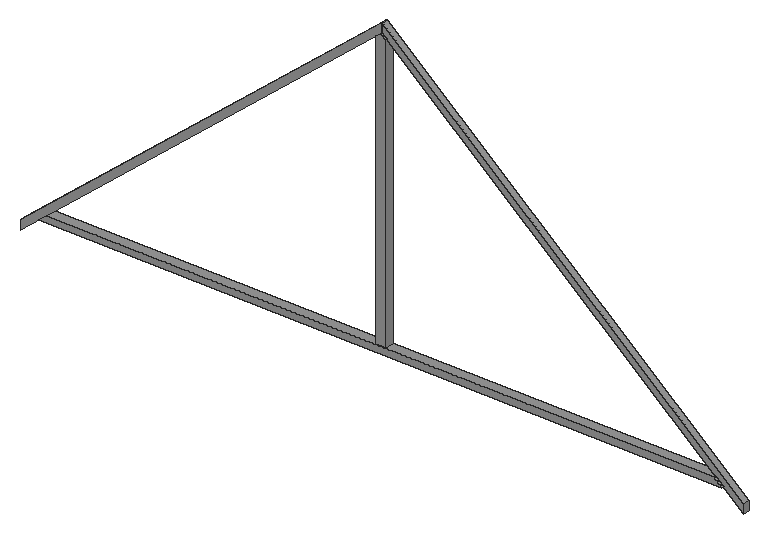
Revit family "KingPostTruss", category Structural Framing, Revit 2021
Family settings
  Section Shape = Not Defined
  Material for Model Behavior = Wood
  Always export as geometry = No
  OmniClass Number = 23.25.30.21.14
  OmniClass Title = Trussed Beams and Joists
  Work Plane-Based = No
  Always vertical = Yes
  Cut with Voids When Loaded = No
  Symbolic Representation = From Family
  Shared = No
  Show family pre-cut in plan views = Yes
Parameters
  WebWidth [instance] = 120 mm
  WebDepth [instance] = 150 mm
  T_Volume [instance] = 0.00 m³
  TopWidth [instance] = 80 mm
  Structural Material [instance] = Poche
  SpanRight [instance] = 5000 mm
  SpanLeft [instance] = 5000 mm
  Span [instance] = SpanLeft + SpanRight  # 10000 mm
  SlopeRight [instance] = 40.00°
  SlopeLeft [instance] = 40.00°
  OverhangRight [instance] = 300 mm
  OverhangLeft [instance] = 300 mm
  TopDepth [instance] = 100 mm
  BottomWidth [instance] = 150 mm
  BottomDepth [instance] = 100 mm
Reference planes
  plane 1 "Center (Front/Back)": y = 0
  plane 2: z = 0
  plane 3 "Center (Left/Right)": x = 0
  plane 4: x = -5000
  plane 5: x = 5000
  plane 6: x = 5300
  plane 7: x = -5300
  plane 8: z = 100
  plane 9: x = 75
  plane 10: x = -75
Forms (mm)
  Extrusion 1, solid, material "Cherry"
    sketch origin (0, 0, 0) x (1, 0, 0) y (0, 0, 1)
      loop
        line (-5300, -251.73) -> (0, 4195.498) -> (0, 4326.039) -> (-5300, -121.189) -> (-5300, -251.73)
    from -40 to 40
  Extrusion 2, solid, material "Cherry"
    sketch origin (0, 0, 0) x (1, 0, 0) y (0, 0, 1)
      loop
        line (5300, -251.73) -> (5300, -121.189) -> (0, 4326.039) -> (0, 4195.498) -> (5300, -251.73)
    from -40 to 40
  Extrusion 3, solid, material "Cherry"
    sketch origin (0, 0, 0) x (1, 0, 0) y (0, 0, 1)
      loop
        line (-5000, 0) -> (5000, 0) -> (4880.825, 100) -> (-4880.825, 100) -> (-5000, 0)
    from -75 to 75
  Extrusion 4, solid, material "Cherry"
    sketch origin (0, 0, 0) x (1, 0, 0) y (0, 0, 1)
      loop
        line (75, 100) -> (75, 4132.566) -> (0, 4195.498) -> (-75, 4132.566) -> (-75, 100) -> (75, 100)
    from -60 to 60
Lines and regions (mm)
  reference lines
    curve 1: line (5000, 0, 0) -> (2625.262, 0, 1992.642)
    curve 2: line (-5000, 0, 0) -> (-2318.844, 0, 2249.757)
    curve 3: line (4991.574, 0, 137.611) -> (-8.024, 0, 4332.772)
    curve 4: line (-4966.214, 0, 158.891) -> (-109.65, 0, 4234.032)
    curve 5: line (0, 40, 1939.254) -> (0, 40, -520.746)
    curve 6: line (0, -40, 1939.254) -> (0, -40, -520.746)
    curve 7: line (0, -60, 1939.254) -> (0, -60, -520.746)
    curve 8: line (0, -75, 1939.254) -> (0, -75, -520.746)
    curve 9: line (0, 60, 1939.254) -> (0, 60, -520.746)
    curve 10: line (0, 75, 1939.254) -> (0, 75, -520.746)
Dimensions and locks
  "SpanLeft": plane 3 "Center (Left/Right)" to plane 5
  "SpanRight": plane 3 "Center (Left/Right)" to plane 4
  "OverhangLeft": plane 5 to plane 6
  "OverhangRight": plane 7 to plane 4
  "BottomDepth": level to plane 8
  equal spacing: plane 10, plane 3 "Center (Left/Right)", plane 9
  "WebDepth": plane 10 to plane 9
  "TopDepth": curve 1 to curve 3
  "TopDepth": curve 4 to curve 2
  equal spacing: curve 5, curve 4, curve 6
  "TopWidth": curve 5 to curve 6
  equal spacing: curve 9, curve 4, curve 7
  "WebWidth": curve 9 to curve 7
  equal spacing: curve 10, curve 4, curve 8
  "BottomWidth": curve 10 to curve 8
  plane 5 to plane 3 "Center (Left/Right)" = 5000 mm
  plane 4 to plane 3 "Center (Left/Right)" = 5000 mm
  "SlopeLeft": angle level to curve 1
  "SlopeRight": angle curve 2 to level
  aligned and locked: plane 2 to level
  aligned and locked: Extrusion 1 sketch curve to curve 2
  aligned and locked: Extrusion 1 sketch curve to curve 4
  aligned and locked: Extrusion 1 sketch curve to curve 6
  aligned and locked: plane 7 to Extrusion 1 sketch curve
  aligned and locked: Extrusion 2 sketch curve to curve 1
  aligned and locked: Extrusion 2 sketch curve to curve 3
  aligned and locked: Extrusion 2 sketch curve to curve 6
  aligned and locked: Extrusion 2 sketch curve to plane 6
  aligned and locked: Extrusion 3 sketch curve to level
  aligned and locked: Extrusion 3 sketch curve to plane 8
  aligned and locked: Extrusion 1 to Extrusion 3 sketch curve
  aligned and locked: Extrusion 2 to Extrusion 3 sketch curve
  aligned and locked: Extrusion 2 to curve 6
  aligned and locked: Extrusion 2 to curve 5
  aligned and locked: Extrusion 1 to curve 6
  aligned and locked: Extrusion 1 to curve 5
  aligned and locked: Extrusion 3 to curve 8
  aligned and locked: curve 10 to Extrusion 3
  aligned and locked: Extrusion 4 sketch curve to plane 9
  aligned and locked: plane 10 to Extrusion 4 sketch curve
  aligned and locked: Extrusion 3 to Extrusion 4 sketch curve
  aligned and locked: Extrusion 4 sketch curve to Extrusion 2
  aligned and locked: Extrusion 1 to Extrusion 4 sketch curve
  aligned and locked: Extrusion 4 to curve 9
  aligned and locked: Extrusion 4 to curve 7
Automatic sketch dimensions
  curve 2 to level = 0 mm
  plane 4 to curve 2 = 0 mm
  curve 1 to level = 0 mm
  plane 5 to curve 1 = 0 mm
  curve 4 to plane 4 = 33.786 mm
  curve 4 to plane 10 = 34.65 mm
  curve 3 to plane 3 "Center (Left/Right)" = 8.024 mm
  plane 5 to curve 3 = 8.426 mm
  curve 10 to level = 520.746 mm
  curve 5 to curve 10 = 0 mm
  curve 8 to curve 5 = 0 mm
  curve 8 to curve 6 = 0 mm  (x2)
  curve 8 to curve 7 = 0 mm  (x2)
  curve 9 to curve 10 = 0 mm  (x2)
  plane 8 to curve 6 = 1839.254 mm
  curve 6 to curve 9 = 0 mm
  curve 5 to curve 9 = 0 mm
